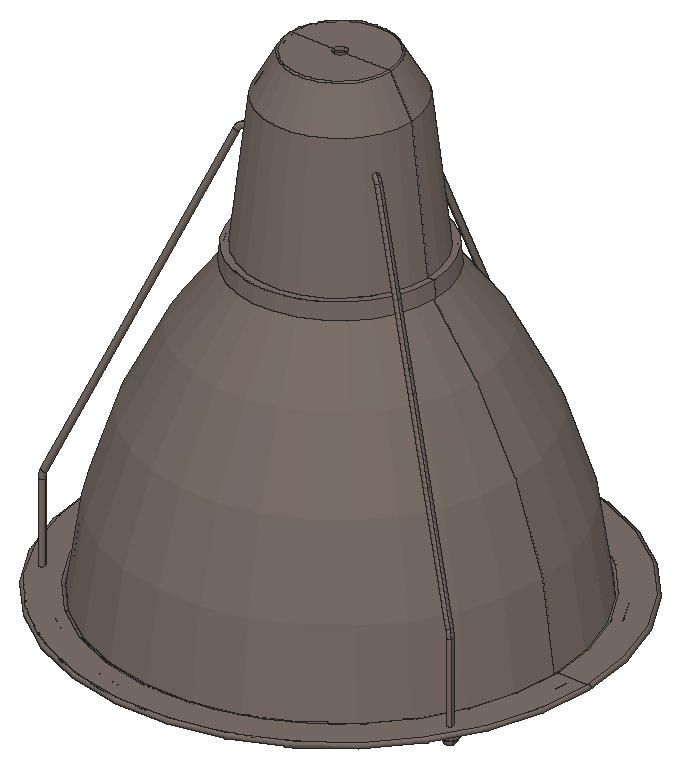
Revit family "RD16", category Lighting Fixtures, Revit 2024
Family settings
  Round Connector Dimension = Use Diameter
  Part Type = Normal
  OmniClass Number = 23.80.70.00
  OmniClass Title = Lighting
  Work Plane-Based = No
  Always vertical = Yes
  Cut with Voids When Loaded = No
  Light Source = No
  Maintain Annotation Orientation = No
  Shared = No
  Room Calculation Point = No
Parameters
  Default Elevation = 0' - 0"
Reference planes (in)
  plane 1 "Light Source Axis (F/B)": y = 0
  plane 2: z = 0
  plane 3 "Light Source Axis (L/R)": x = 0
  plane 4 "Light Source Elevation": z = 54
Forms (in)
  Revolve 1, solid, material "19"
    sketch origin (0, 0, 0) x (1, 0, 0) y (0, 0, 1)
      loop
        arc (1.80443, 71.53072) -> (1.78151, 71.55397) -> (1.75, 71.5625) r 0.0625
        line (1.75, 71.5625) -> (0.25, 71.5625) -> (0.25, 71.46875) -> (1.73175, 71.46875) -> (2.47164, 70.15775) -> (3.05509, 65.28125) -> (3.30238, 65.28125) -> (3.34339, 64.8125) -> (3.4375, 64.8125) -> (3.38829, 65.375) -> (3.13829, 65.375) -> (2.5625, 70.1875) -> (1.80443, 71.53072)
      axis (0, 71.5625) -> (0, 64.8125)
    angle from 0 to 360
  Revolve 2, solid, material "19"
    sketch origin (0, 0, 0) x (1, 0, 0) y (0, 0, 1)
      loop
        arc (7.72228, 54.125) -> (6.32424, 59.99541) -> (3.09655, 65.09427) r 18.3395
        line (3.09655, 65.09427) -> (3.03016, 65.02788)
        arc (3.03016, 65.02788) -> (6.26187, 59.90179) -> (7.6365, 54) r 18.24575
        line (7.6365, 54) -> (8.0625, 54)
        arc (8.0625, 54) -> (8.125, 54.0625) -> (8.0625, 54.125) r 0.0625
        line (8.0625, 54.125) -> (7.72228, 54.125)
      axis (0, 65.09427) -> (0, 54)
    angle from 0 to 360
  Revolve 3, solid, material "19"
    sketch origin (0, 0, 0) x (1, 0, 0) y (0, 0, 1)
      loop
        arc (8.91252, 54.125) -> (9.00002, 54.2125) -> (8.91252, 54.3) r 0.0875
        line (8.91252, 54.3) -> (7.83891, 54.3)
        arc (7.83891, 54.3) -> (7.75141, 54.2125) -> (7.83891, 54.125) r 0.0875
        line (7.83891, 54.125) -> (8.91252, 54.125)
      axis (0, 54.125) -> (0, 54.3)
    angle from 0 to 360
  Sweep 4, solid, material "19"
    path origin (0, 0, 0) x (0.866025, 0.5, 0) y (0, 0, 1)
      loop
        line (-8.46947, 54.3) -> (-8.46947, 57.12427)
        arc (-8.46947, 57.12427) -> (-8.45518, 57.25188) -> (-8.41302, 57.37318) r 0.577
        line (-8.41302, 57.37318) -> (-2.93463, 68.83039)
        arc (-2.93463, 68.83039) -> (-2.68932, 68.96471) -> (-2.51245, 68.74806) r 0.21875
    profile origin (-2.32902, -1.34466, 68.96471) x (0.165762, 0.095703, 0.981511) y (0.5, -0.866025, 0)
      loop
        circle (0, 0) r 0.09375
  Revolve 5, solid, material "19"
    sketch origin (0, 0, 0) x (0.866025, 0.5, 0) y (0, 0, 1)
      loop
        line (-8.46947, 54.125) -> (-8.78095, 54.125) -> (-8.78095, 53.96904)
        arc (-8.78095, 53.96904) -> (-8.7461, 53.93169) -> (-8.70059, 53.90849) r 0.14725
        arc (-8.70059, 53.90849) -> (-8.63293, 53.745) -> (-8.46947, 53.67727) r 0.23112
        line (-8.46947, 53.67727) -> (-8.46947, 54.125)
      axis (-8.46947, 53.67727) -> (-8.46947, 54.125)
    angle from 0 to 360
  Sweep 6, solid, material "19"
    path origin (0, 0, 0) x (0, -1, 0) y (0, 0, 1)
      loop
        line (-8.46947, 54.3) -> (-8.46947, 57.12427)
        arc (-8.46947, 57.12427) -> (-8.45518, 57.25188) -> (-8.41302, 57.37318) r 0.577
        line (-8.41302, 57.37318) -> (-2.93463, 68.83039)
        arc (-2.93463, 68.83039) -> (-2.68932, 68.96471) -> (-2.51245, 68.74806) r 0.21875
    profile origin (0, 2.68932, 68.96471) x (0, -0.191405, 0.981511) y (-1, 0, 0)
      loop
        circle (0, 0) r 0.09375
  Revolve 7, solid, material "19"
    sketch origin (0, 0, 0) x (0, -1, 0) y (0, 0, 1)
      loop
        line (-8.46947, 54.125) -> (-8.78095, 54.125) -> (-8.78095, 53.96904)
        arc (-8.78095, 53.96904) -> (-8.7461, 53.93169) -> (-8.70059, 53.90849) r 0.14725
        arc (-8.70059, 53.90849) -> (-8.63293, 53.745) -> (-8.46947, 53.67727) r 0.23112
        line (-8.46947, 53.67727) -> (-8.46947, 54.125)
      axis (-8.46947, 53.67727) -> (-8.46947, 54.125)
    angle from 0 to 360
  Sweep 8, solid, material "19"
    path origin (0, 0, 0) x (-0.866025, 0.5, 0) y (0, 0, 1)
      loop
        line (-8.46947, 54.3) -> (-8.46947, 57.12427)
        arc (-8.46947, 57.12427) -> (-8.45518, 57.25188) -> (-8.41302, 57.37318) r 0.577
        line (-8.41302, 57.37318) -> (-2.93463, 68.83039)
        arc (-2.93463, 68.83039) -> (-2.68932, 68.96471) -> (-2.51245, 68.74806) r 0.21875
    profile origin (2.32902, -1.34466, 68.96471) x (-0.165762, 0.095703, 0.981511) y (0.5, 0.866025, 0)
      loop
        circle (0, 0) r 0.09375
  Revolve 9, solid, material "19"
    sketch origin (0, 0, 0) x (-0.866025, 0.5, 0) y (0, 0, 1)
      loop
        line (-8.46947, 54.125) -> (-8.78095, 54.125) -> (-8.78095, 53.96904)
        arc (-8.78095, 53.96904) -> (-8.7461, 53.93169) -> (-8.70059, 53.90849) r 0.14725
        arc (-8.70059, 53.90849) -> (-8.63293, 53.745) -> (-8.46947, 53.67727) r 0.23112
        line (-8.46947, 53.67727) -> (-8.46947, 54.125)
      axis (-8.46947, 53.67727) -> (-8.46947, 54.125)
    angle from 0 to 360
Dimensions and locks (in)
  aligned and locked: level to plane 2
